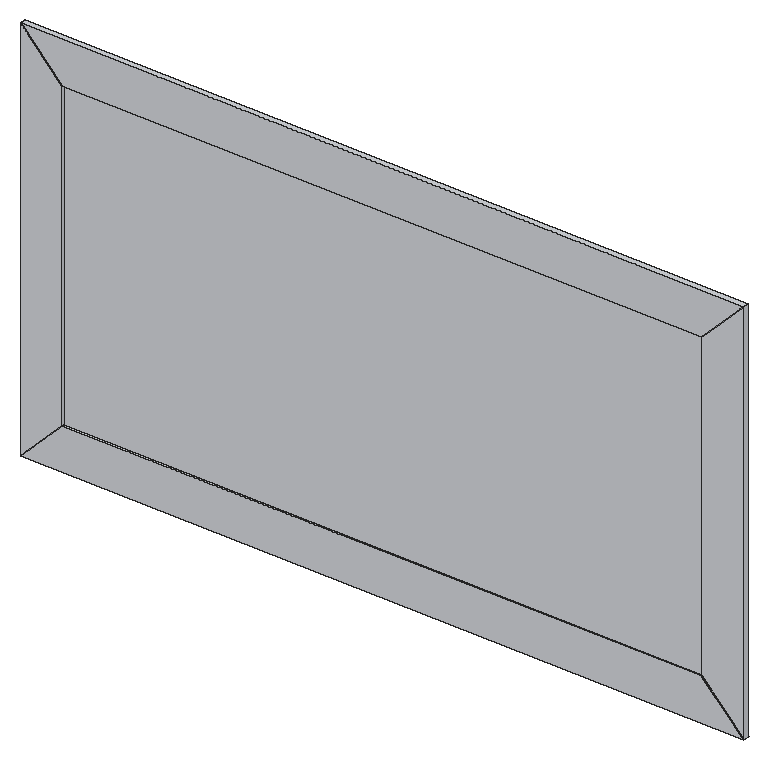
Revit family "O-95", category Mechanical Equipment, Revit 2015
Parameters
  URL = "https://unitedenertech.com/catalog/pdf/J_1%20Model%20L-95,%200-95.pdf"
  Type Comments = "Max. Size is (24\"w x 24\"h)"
  Model = "O-95"
  Manufacturer = "United Enertech Corporation"
  Exact Width = 2' - 0"
  Exact Height = 1' - 0"
  Door Width [instance] = Exact Width - 0' 0 1/4"  # 1' - 11 3/4"
  Door Height [instance] = Exact Height - 0' 0 1/4"  # 0' - 11 3/4"
  Description = "High Performance Outside Wrap Access Door"
Reference planes (in)
  plane 1 "Center (Front/Back)": y = 0
  plane 2: z = 0
  plane 3 "Center (Left/Right)": x = 0
  plane 4: x = -12
  plane 5: x = 12
  plane 6: z = -6
  plane 7: z = 6
Dimensions and locks (in)
  equal spacing: plane 4, plane 3 "Center (Left/Right)", plane 5
  "Exact Width": plane 4 to plane 5
  equal spacing: plane 7, level, plane 6
  "Exact Height": plane 7 to plane 6
  aligned and locked: level to plane 2
  aligned and locked: plane 3 "Center (Left/Right)" to nested 1
  aligned and locked: nested 1 to plane 1 "Center (Front/Back)"
  aligned and locked: plane 7 to nested 1
  aligned and locked: plane 1 "Center (Front/Back)" to nested 3
  aligned and locked: nested 3 to plane 3 "Center (Left/Right)"
  aligned and locked: plane 6 to nested 3
  aligned and locked: level to nested 2
  aligned and locked: nested 2 to plane 1 "Center (Front/Back)"
  aligned and locked: plane 4 to nested 2
  aligned and locked: nested 4 to level
  aligned and locked: plane 1 "Center (Front/Back)" to nested 4
  aligned and locked: nested 4 to plane 5
  aligned and locked: nested 5 to plane 3 "Center (Left/Right)"
  aligned and locked: nested 6 to plane 1 "Center (Front/Back)"
  aligned and locked: plane 4 to nested 6
Nested families (in)
  nested 1: "Frame 2" at (0, 0, 5.437) x (1, 0, 0) z (0, -1, 0), type "Frame 2"
    with Length 2' - 0"
  nested 2: "Frame 1" at (-11.437, 0, 0) x (0, 0, 1) z (0, -1, 0), type "Frame 1"
  nested 3: "Frame 2" at (0, 0, -5.437) x (1, 0, 0) z (0, -1, 0), type "Frame 2"
    with Length 2' - 0"
  nested 4: "Frame 1" at (11.437, 0, 0) x (0, 0, 1) z (0, -1, 0), type "Frame 1"
  nested 5: "Door" at (0, -0.465, 0) x (-1, 0, 0) z (0, 0, 1), type "Door"
    with W 1' - 11 3/4", H 0' - 11 3/4"
  nested 6: "Cam" at (-10.875, 0, 0) x (-1, 0, 0) z (0, 0, 1), type "Cam"
Definition of nested family "Frame 2"
  Parameters (values of type "Frame 2")
    Length = 1' - 0"
  Reference planes (in)
    plane 1 "Center (Front/Back)": y = 0
    plane 2: z = 0
    plane 3 "Center (Left/Right)": x = 0
    plane 4: x = -6
    plane 5: x = 6
    plane 6: x = 7.875
    plane 7: x = -7.875
  Forms (in)
    Extrusion 1, solid
      sketch origin (12, -0.17906, -0.19338) x (0, -1, 0) y (0, 0, 1)
        loop
          line (-0.67906, 0.19338) -> (-0.67906, 1.13038) -> (-0.17906, 1.13038) -> (-0.17906, 1.19338) -> (-1.67906, 1.19338) -> (-1.67906, 1.00588) -> (-1.61606, 1.00588) -> (-1.61606, 1.13038) -> (-1.49206, 1.13038) -> (-1.49206, 1.00588) -> (-1.24156, 1.00588) -> (-1.24156, 1.06888) -> (-1.42906, 1.06888) -> (-1.42906, 1.13038) -> (-0.92906, 1.13038) -> (-0.92906, 1.06888) -> (-1.11656, 1.06888) -> (-1.11656, 1.00588) -> (-0.86606, 1.00588) -> (-0.86606, 1.13038) -> (-0.74206, 1.13038) -> (-0.74206, 0.19338) -> (-0.67906, 0.19338)
      from 4.125 to 19.875
    Extrusion 2, void
      sketch origin (-3.41412, 1.15648, 0) x (1, 0, 0) y (0, 1, 0)
        loop
          line (8.85162, -1.15648) -> (11.28912, -1.15648) -> (11.28912, 1.28102) -> (8.85162, -1.15648)
      from 0 to 12
    Extrusion 3, void
      sketch origin (3.41412, 1.15648, 0) x (-1, 0, 0) y (0, -1, 0)
        loop
          line (8.85162, 1.15648) -> (11.28912, -1.28102) -> (11.28912, 1.15648) -> (8.85162, 1.15648)
      from 0 to 12
  Cuts and joins
    Extrusion 2, Extrusion 3 cuts Extrusion 1
  Dimensions and locks (in)
    equal spacing: plane 4, plane 3 "Center (Left/Right)", plane 5
    "Length": plane 4 to plane 5
    locked: plane 5 to plane 6 at 1.875
    locked: plane 7 to plane 4 at 1.875
    locked: Extrusion 2 sketch curve to Extrusion 2 sketch curve (angle 45.00°)
    locked: Extrusion 3 sketch curve to Extrusion 3 sketch curve (angle 45.00°)
    aligned and locked: level to plane 2
    aligned and locked: plane 6 to Extrusion 1
    aligned and locked: Extrusion 2 to Extrusion 1
    aligned and locked: plane 7 to cut or joined group of Extrusion 1, Extrusion 2, Extrusion 3
    aligned and locked: Extrusion 3 to Extrusion 1
    aligned and locked: plane 1 "Center (Front/Back)" to Extrusion 3
  Automatic sketch dimensions
    Extrusion 1 sketch curve to level = 0' - 0"
    Extrusion 1 sketch curve to plane 1 "Center (Front/Back)" = 0' - 0"
    Extrusion 1 sketch curve to plane 1 "Center (Front/Back)" = 0' - 0 1/2"
    Extrusion 1 sketch curve to Extrusion 1 sketch curve = 0' - 0.063"  (x7)
    Extrusion 1 sketch curve to Extrusion 1 sketch curve = 0' - 0.124"  (x2)
    Extrusion 1 sketch curve to Extrusion 1 sketch curve = 0' - 0 3/16"  (x2)
    Extrusion 1 sketch curve to Extrusion 1 sketch curve = 0' - 0 1/8"
    level to Extrusion 1 sketch curve = 0' - 0 13/16"
    Extrusion 1 sketch curve to Extrusion 1 sketch curve = 0' - 0"  (x5)
    Extrusion 1 sketch curve to Extrusion 1 sketch curve = 0' - 0.0615"
    plane 1 "Center (Front/Back)" to Extrusion 2 sketch curve = 0' - 0"
    Extrusion 2 sketch curve to plane 6 = 0' - 0"
    Extrusion 2 sketch curve to plane 5 = 0' - 0 9/16"
    Extrusion 3 sketch curve to plane 1 "Center (Front/Back)" = 0' - 0"
    Extrusion 3 sketch curve to plane 7 = 0' - 0"
    plane 4 to Extrusion 3 sketch curve = 0' - 0 9/16"
Definition of nested family "Frame 1"
  Parameters (values of type "Frame 1")
    Length = 1' - 0"
  Reference planes (in)
    plane 1 "Center (Front/Back)": y = 0
    plane 2: z = 0
    plane 3 "Center (Left/Right)": x = 0
    plane 4: x = -6
    plane 5: x = 6
    plane 6: x = 7.875
    plane 7: x = -7.875
  Forms (in)
    Extrusion 1, solid
      sketch origin (12, -0.17906, -0.19338) x (0, -1, 0) y (0, 0, 1)
        loop
          line (-0.67906, 0.19338) -> (-0.67906, 1.13038) -> (-0.17906, 1.13038) -> (-0.17906, 1.19338) -> (-1.67906, 1.19338) -> (-1.67906, 1.00588) -> (-1.61606, 1.00588) -> (-1.61606, 1.13038) -> (-1.49206, 1.13038) -> (-1.49206, 1.00588) -> (-1.24156, 1.00588) -> (-1.24156, 1.06888) -> (-1.42906, 1.06888) -> (-1.42906, 1.13038) -> (-0.92906, 1.13038) -> (-0.92906, 1.06888) -> (-1.11656, 1.06888) -> (-1.11656, 1.00588) -> (-0.86606, 1.00588) -> (-0.86606, 1.13038) -> (-0.74206, 1.13038) -> (-0.74206, 0.19338) -> (-0.67906, 0.19338)
      from 4.125 to 19.875
    Extrusion 2, void
      sketch origin (-3.41412, 1.15648, 0) x (1, 0, 0) y (0, 1, 0)
        loop
          line (8.85162, -1.15648) -> (11.28912, -1.15648) -> (11.28912, 1.28102) -> (8.85162, -1.15648)
      from 0 to 12
    Extrusion 3, void
      sketch origin (3.41412, 1.15648, 0) x (-1, 0, 0) y (0, -1, 0)
        loop
          line (8.85162, 1.15648) -> (11.28912, -1.28102) -> (11.28912, 1.15648) -> (8.85162, 1.15648)
      from 0 to 12
  Cuts and joins
    Extrusion 2, Extrusion 3 cuts Extrusion 1
  Dimensions and locks (in)
    equal spacing: plane 4, plane 3 "Center (Left/Right)", plane 5
    "Length": plane 4 to plane 5
    locked: plane 5 to plane 6 at 1.875
    locked: plane 7 to plane 4 at 1.875
    locked: Extrusion 2 sketch curve to Extrusion 2 sketch curve (angle 45.00°)
    locked: Extrusion 3 sketch curve to Extrusion 3 sketch curve (angle 45.00°)
    aligned and locked: level to plane 2
    aligned and locked: plane 6 to Extrusion 1
    aligned and locked: Extrusion 2 to Extrusion 1
    aligned and locked: plane 7 to cut or joined group of Extrusion 1, Extrusion 2, Extrusion 3
    aligned and locked: Extrusion 3 to Extrusion 1
    aligned and locked: plane 1 "Center (Front/Back)" to Extrusion 3
  Automatic sketch dimensions
    Extrusion 1 sketch curve to level = 0' - 0"
    Extrusion 1 sketch curve to plane 1 "Center (Front/Back)" = 0' - 0"
    Extrusion 1 sketch curve to plane 1 "Center (Front/Back)" = 0' - 0 1/2"
    Extrusion 1 sketch curve to Extrusion 1 sketch curve = 0' - 0.063"  (x7)
    Extrusion 1 sketch curve to Extrusion 1 sketch curve = 0' - 0.124"  (x2)
    Extrusion 1 sketch curve to Extrusion 1 sketch curve = 0' - 0 3/16"  (x2)
    Extrusion 1 sketch curve to Extrusion 1 sketch curve = 0' - 0 1/8"
    level to Extrusion 1 sketch curve = 0' - 0 13/16"
    Extrusion 1 sketch curve to Extrusion 1 sketch curve = 0' - 0"  (x5)
    Extrusion 1 sketch curve to Extrusion 1 sketch curve = 0' - 0.0615"
    plane 1 "Center (Front/Back)" to Extrusion 2 sketch curve = 0' - 0"
    Extrusion 2 sketch curve to plane 6 = 0' - 0"
    Extrusion 2 sketch curve to plane 5 = 0' - 0 9/16"
    Extrusion 3 sketch curve to plane 1 "Center (Front/Back)" = 0' - 0"
    Extrusion 3 sketch curve to plane 7 = 0' - 0"
    plane 4 to Extrusion 3 sketch curve = 0' - 0 9/16"
Definition of nested family "Door"
  Parameters (values of type "Door")
    W = 1' - 0"
    H = 2' - 0"
  Reference planes (in)
    plane 1 "Center (Front/Back)": y = 0
    plane 2: z = 0
    plane 3 "Center (Left/Right)": x = 0
    plane 4: x = -6
    plane 5: z = 12
    plane 6: z = -12
    plane 7: x = 6
    plane 8: y = -0.465
    plane 9: y = 0.465
    plane 10: x = -5.9375
    plane 11: x = -6.0625
    plane 12: y = -0.4025
    plane 13: y = -0.5275
  Forms (in)
    Extrusion 1, solid
      sketch origin (0, 0, 0) x (1, 0, 0) y (0, 0, 1)
        loop
          line (-6, 12) -> (-6, -12) -> (6, -12) -> (6, 12) -> (-6, 12)
      from -0.465 to 0.465
    Extrusion 2, solid
      sketch origin (0.16564, 0, 0) x (1, 0, 0) y (0, 1, 0)
        loop
          circle (-6.16564, -0.465) r 0.0625
      from -12 to 12
  Dimensions and locks (in)
    equal spacing: plane 4, plane 3 "Center (Left/Right)", plane 7
    "W": plane 4 to plane 7
    equal spacing: plane 5, level, plane 6
    "H": plane 5 to plane 6
    equal spacing: plane 9, plane 1 "Center (Front/Back)", plane 8
    locked: plane 9 to plane 8 at 0.93
    equal spacing: plane 11, plane 4, plane 10
    locked: plane 11 to plane 10 at 0.125
    equal spacing: plane 12, plane 8, plane 13
    locked: plane 12 to plane 13 at 0.125
    aligned and locked: level to plane 2
    aligned and locked: Extrusion 1 sketch curve to plane 5
    aligned and locked: plane 6 to Extrusion 1 sketch curve
    aligned and locked: Extrusion 1 sketch curve to plane 4
    aligned and locked: Extrusion 1 sketch curve to plane 7
    aligned and locked: Extrusion 1 to plane 9
    aligned and locked: Extrusion 1 to plane 8
    aligned and locked: plane 5 to Extrusion 2
    aligned and locked: Extrusion 2 to plane 6
  Automatic sketch dimensions
    Extrusion 2 sketch curve to plane 8 = 0' - 0"
    Extrusion 2 sketch curve to plane 11 = 0' - 0 1/16"
    radius of Extrusion 2 sketch curve = 0' - 0 1/16"
Definition of nested family "Cam"
  Reference planes (in)
    plane 1 "Center (Front/Back)": y = 0
    plane 2: z = 0
    plane 3 "Center (Left/Right)": x = 0
    plane 4: z = 0.15625
    plane 5: z = -0.15625
    plane 6: z = -1.125
    plane 7: z = 1.125
    plane 8: x = 1.125
    plane 9: x = 1
    plane 10: x = 0.15625
    plane 11: x = -0.15625
    plane 12: y = -0.09
    plane 13: y = -0.215
    plane 14: y = -0.465
    plane 15: z = -0.375
    plane 16: x = -0.375
    plane 17: z = 0.375
  Forms (in)
    Extrusion 1, solid
      sketch origin (0, 0, 0) x (1, 0, 0) y (0, 0, 1)
        loop
          circle (0, 0) r 0.15625
      from 0.09 to 0.215
    Extrusion 2, solid
      sketch origin (0, 0, 0) x (1, 0, 0) y (0, 0, 1)
        loop
          arc (0, 0.375) -> (-0.375, 0) -> (0, -0.375) r 0.375
          line (0, -0.375) -> (0, -1.125)
          arc (0, -1.125) -> (1.125, 0) -> (0, 1.125) r 1.125
          line (0, 1.125) -> (0, 0.375)
      from 0 to 0.09
    Extrusion 3, solid
      sketch origin (0, 0, 0) x (1, 0, 0) y (0, 0, 1)
        loop
          arc (0, -1.125) -> (1.125, 0) -> (0, 1.125) r 1.125
          line (0, 1.125) -> (0, 1.07812)
          arc (0, 1.07812) -> (1.07812, 0) -> (0, -1.07812) r 1.07812
          line (0, -1.07812) -> (0, -1.125)
      from 0.09 to 0.465
    Extrusion 4, void
      sketch origin (0, 0.66324, 0) x (1, 0, 0) y (0, 1, 0)
        loop
          line (0, -0.75324) -> (-0.15625, -1.12824) -> (1.125, -1.12824) -> (0, -0.75324)
      from -1.45677 to 12
  Cuts and joins
    Extrusion 4 cuts Extrusion 3
  Dimensions and locks (in)
    equal spacing: plane 11, plane 3 "Center (Left/Right)", plane 10
    locked: plane 11 to plane 10 at 0.3125
    equal spacing: plane 4, level, plane 5
    locked: plane 4 to plane 5 at 0.3125
    equal spacing: plane 7, level, plane 6
    locked: plane 7 to plane 6 at 2.25
    locked: plane 8 to plane 3 "Center (Left/Right)" at 1.125
    locked: plane 9 to plane 8 at 0.125
    locked: plane 12 to plane 1 "Center (Front/Back)" at 0.09
    locked: plane 12 to plane 13 at 0.125
    locked: plane 14 to plane 13 at 0.25
    locked: plane 3 "Center (Left/Right)" to plane 16 at 0.375
    locked: level to plane 15 at 0.375
    locked: plane 17 to level at 0.375
    aligned and locked: level to plane 2
    aligned and locked: Extrusion 1 to plane 13
    aligned and locked: Extrusion 2 to plane 1 "Center (Front/Back)"
    aligned and locked: Extrusion 2 to plane 12
    aligned and locked: plane 12 to Extrusion 1
    aligned and locked: plane 14 to Extrusion 3
  Automatic sketch dimensions
    Extrusion 1 sketch curve to level = 0' - 0"
    Extrusion 1 sketch curve to plane 3 "Center (Left/Right)" = 0' - 0"
    Extrusion 2 sketch curve to Extrusion 2 sketch curve = 0' - 0"
    Extrusion 2 sketch curve to plane 3 "Center (Left/Right)" = 0' - 0"
    Extrusion 2 sketch curve to plane 6 = 0' - 0"
    Extrusion 2 sketch curve to plane 15 = 0' - 0"
    Extrusion 2 sketch curve to plane 7 = 0' - 0"
    Extrusion 3 sketch curve to level = 0' - 0"
    Extrusion 3 sketch curve to plane 3 "Center (Left/Right)" = 0' - 0"
    Extrusion 3 sketch curve to plane 6 = 0' - 0"
    Extrusion 4 sketch curve to plane 11 = 0' - 0"
    Extrusion 4 sketch curve to plane 3 "Center (Left/Right)" = 0' - 0"
    Extrusion 4 sketch curve to plane 8 = 0' - 0"
    plane 14 to Extrusion 4 sketch curve = 0' - 0"
    Extrusion 4 sketch curve to plane 12 = 0' - 0"
    Extrusion 3 sketch curve to Extrusion 3 sketch curve = 0' - 0 3/64"
    Extrusion 3 sketch curve to Extrusion 3 sketch curve = 0' - 0"
    radius of Extrusion 1 sketch curve = 0' - 0 5/32"
